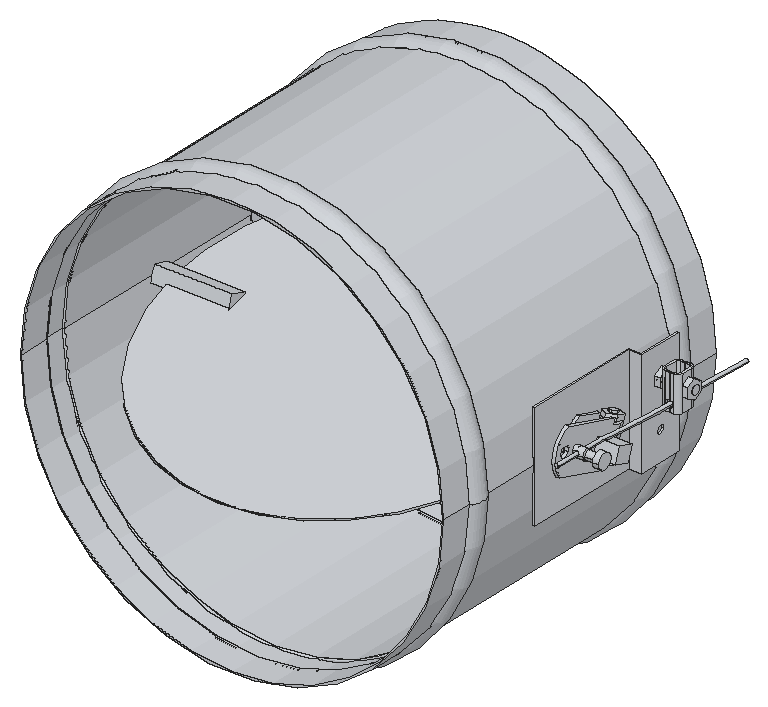
Revit family "BO-RH", category Mechanical Equipment, Revit 2015
Parameters
  Void Radius [instance] = Radius - 0' 0 5/256"  # 0' - 4 251/256"
  URL = "https://unitedenertech.com/catalog/pdf/E_14a%20Diffuser,%20Grille%20Balancing%20Bowden%20Cable%20System.pdf"
  Type Comments = "Max. Size is (20\" Diameter)"
  Radius [instance] = 0.5 * Exact Diameter  # 0' - 5"
  Model = "BO-RH"
  Manufacturer = "United Enertech Corporation"
  Keynote = "Shaft options set to visibility parameters, correct shaft and size will appear when loaded into project."
  Inner Radius [instance] = Radius - 0' 0 9/256"  # 0' - 4 247/256"
  Exact Diameter = 0' - 10"
  Description = "Round Single Blade Diffuser/Grille Balancing Bowden Cable System Damper"
  Depth = 0' - 8"
  Blade Radius [instance] = Inner Radius - 0' 0 3/8"  # 0' - 4 151/256"
  3/8" Pin Visibility [instance] = if(Exact Diameter < 1' 3 251/256", 2 > 1, 1 > 2)  # yes
  1/2" Shaft Visibility [instance] = if(Exact Diameter > 1' 3 251/256", 2 > 1, 1 > 2)  # no
Reference planes (in)
  plane 1 "Center (Front/Back)": y = 0
  plane 2: z = 0
  plane 3 "Center (Left/Right)": x = 0
  plane 4: x = -5
  plane 5: x = 5
  plane 6: y = 8
  plane 7: y = 7
  plane 8: y = 1
  plane 9: x = -5.6
  plane 10: x = -3.1
  plane 11: x = 3.1
  plane 12: x = 6.0408
  plane 13: x = 6.85359
Forms (in)
  Extrusion 1, solid
    sketch origin (0, 0, 0) x (1, 0, 0) y (0, 0, 1)
      loop
        circle (0, 0) r 5
      loop
        circle (0, 0) r 4.96484
    from 0 to -8
  Sweep 2, solid
    path origin (0, 1, 0) x (1, 0, 0) y (0, 0, 1)
      loop
        circle (0, 0) r 5
    profile "Bead Sweep : Bead Sweep" origin (0, 1, 5) x (0, 0, -1) y (0, -1, 0)
      loop
        arc (0, 0.279) -> (-0.12, 0) -> (0, -0.279) r 0.38434
        line (0, -0.279) -> (0, 0.279)
  Sweep 3, solid
    path origin (0, 7, 0) x (1, 0, 0) y (0, 0, 1)
      loop
        circle (0, 0) r 5
    profile "Bead Sweep : Bead Sweep" origin (0, 7, 5) x (0, 0, -1) y (0, -1, 0)
      loop
        arc (0, 0.279) -> (-0.12, 0) -> (0, -0.279) r 0.38434
        line (0, -0.279) -> (0, 0.279)
  Sweep 4, void
    path origin (0, 1, 0) x (1, 0, 0) y (0, 0, 1)
      loop
        circle (0, 0) r 4.98047
    profile "Bead Void Sweep : Bead Void Sweep" origin (0, 1, 4.98047) x (0, 0, -1) y (0, -1, 0)
      loop
        arc (0.15416, 0.3555) -> (-0.0841, 0) -> (0.15416, -0.3555) r 0.38434
        line (0.15416, -0.3555) -> (0.15416, 0.3555)
  Sweep 5, void
    path origin (0, 7, 0) x (1, 0, 0) y (0, 0, 1)
      loop
        circle (0, 0) r 4.98047
    profile "Bead Void Sweep : Bead Void Sweep" origin (0, 7, 4.98047) x (0, 0, -1) y (0, -1, 0)
      loop
        arc (0.15416, 0.3555) -> (-0.0841, 0) -> (0.15416, -0.3555) r 0.38434
        line (0.15416, -0.3555) -> (0.15416, 0.3555)
  Extrusion 6, solid
    sketch origin (0, 2.96472, 3.8637) x (1, 0, 0) y (0, 0.965926, 0.258819)
      loop
        circle (0, 0) r 4.58984
    from -4.01795 to -3.98205
  Extrusion 7, solid, visible <- "3/8" Pin Visibility"
    sketch origin (-15.25, 16.53168, -10.61619) x (0, -0.961262, 0.275637) y (0, -0.275637, -0.961262)
      loop
        line (15.15714, -6.93904) -> (15.15714, -6.56404) -> (14.78214, -6.56404) -> (14.78214, -6.93904) -> (15.15714, -6.93904)
    from 9.65 to 12.15
  Extrusion 8, solid, visible <- "3/8" Pin Visibility"
    sketch origin (11.25, 16.15355, -11.04697) x (0, -0.951057, 0.309017) y (0, -0.309017, -0.951057)
      loop
        line (15.15714, -6.93904) -> (15.15714, -6.56404) -> (14.78214, -6.56404) -> (14.78214, -6.93904) -> (15.15714, -6.93904)
    from -8.15 to -5.2092
  Extrusion 9, solid, visible <- "1/2" Shaft Visibility"
    sketch origin (0, 8.00292, 0) x (0, -1, 0) y (0, 0, -1)
      loop
        circle (4, 0) r 0.25
    from -5.6 to 6.0408
Cuts and joins
  Sweep 4, Sweep 5 cuts Extrusion 1
  Sweep 5 cuts Sweep 2
Dimensions and locks (in)
  equal spacing: plane 4, plane 3 "Center (Left/Right)", plane 5
  "Exact Diameter": plane 4 to plane 5
  "Depth": plane 6 to plane 1 "Center (Front/Back)"
  locked: plane 8 to plane 1 "Center (Front/Back)" at 1
  locked: plane 6 to plane 7 at 1
  locked: plane 9 to plane 4 at 0.6
  locked: plane 4 to plane 10 at 1.9
  locked: plane 11 to plane 5 at 1.9
  locked: plane 5 to plane 12 at 1.0408
  locked: plane 13 to plane 12 at 0.81279
  "Inner Radius": radius of Extrusion 1 sketch curve
  "Radius": radius of Extrusion 1 sketch curve
  "Radius": radius of Sweep 2 sketch curve
  "Radius": radius of Sweep 3 sketch curve
  "Void Radius": radius of Sweep 4 sketch curve
  "Void Radius": radius of Sweep 5 sketch curve
  "Blade Radius": radius of Extrusion 6 sketch curve
  aligned and locked: level to plane 2
  aligned and locked: plane 6 to Extrusion 1
  aligned and locked: plane 1 "Center (Front/Back)" to Extrusion 1
  aligned and locked: plane 10 to Extrusion 7
  aligned and locked: plane 9 to Extrusion 7
  aligned and locked: plane 11 to Extrusion 8
  aligned and locked: plane 9 to Extrusion 9
  aligned and locked: plane 12 to Extrusion 9
  aligned and locked: plane 12 to Extrusion 8
  aligned and locked: nested 1 to plane 5
Automatic sketch dimensions
  Extrusion 1 sketch curve to Extrusion 1 sketch curve = 0' - 0"  (x2)
  Extrusion 1 sketch curve to level = 0' - 0"
  Extrusion 1 sketch curve to plane 3 "Center (Left/Right)" = 0' - 0"
  Sweep 2 sketch curve to level = 0' - 0"
  Sweep 2 sketch curve to plane 3 "Center (Left/Right)" = 0' - 0"
  Sweep 3 sketch curve to level = 0' - 0"
  Sweep 3 sketch curve to plane 3 "Center (Left/Right)" = 0' - 0"
  Sweep 4 sketch curve to level = 0' - 0"
  Sweep 4 sketch curve to plane 3 "Center (Left/Right)" = 0' - 0"
  Sweep 5 sketch curve to level = 0' - 0"
  Sweep 5 sketch curve to plane 3 "Center (Left/Right)" = 0' - 0"
  Extrusion 6 sketch curve to plane 3 "Center (Left/Right)" = 0' - 0"
  level to Extrusion 7 sketch curve = 0' - 0.12855"
  plane 7 to Extrusion 7 sketch curve = 0' - 2.76516"
  Extrusion 7 sketch curve to Extrusion 7 sketch curve = 0' - 0 3/8"  (x2)
  level to Extrusion 8 sketch curve = 0' - 0.12038"
  plane 7 to Extrusion 8 sketch curve = 0' - 2.76082"
  Extrusion 8 sketch curve to Extrusion 8 sketch curve = 0' - 0 3/8"  (x2)
  Extrusion 9 sketch curve to level = 0' - 0"
  plane 7 to Extrusion 9 sketch curve = 0' - 2.99708"
  radius of Extrusion 9 sketch curve = 0' - 0 1/4"
Nested families (in)
  nested 1: "Bowden Controller" at (-3.06566, -4.86221, 1.24109) x (0, -1, 0) z (0, 0, -1), type "Bowden Controller"
Definition of nested family "Bowden Controller"
  Reference planes (in)
    plane 1 "Center (Front/Back)": y = 0
    plane 2: z = 0
    plane 3 "Center (Left/Right)": x = 0
  Forms (in)
    Extrusion 1, solid
      sketch origin (0, 1.16568, 0) x (1, 0, 0) y (0, 1, 0)
        loop
          line (-11.33818, -9.57834) -> (-10.24418, -9.57834) -> (-10.24418, -9.27914) -> (-7.48198, -9.27914) -> (-7.48198, -9.23134) -> (-10.29198, -9.23134) -> (-10.29198, -9.53054) -> (-11.33818, -9.53054) -> (-11.33818, -9.57834)
      from 0 to 2.5
    Extrusion 2, void
      sketch origin (0, 0, 0) x (1, 0, 0) y (0, 0, 1)
        loop
          circle (-10.80456, 1.814) r 0.1
      from 8.11346 to 8.69111
    Extrusion 3, void
      sketch origin (0, 0, 2.5) x (1, 0, 0) y (0, 0, 1)
        loop
          circle (-10.80456, -1.814) r 0.1
      from 8.11346 to 8.69111
    Extrusion 4, void
      sketch origin (0, 0, 0) x (1, 0, 0) y (0, 0, 1)
        loop
          circle (-8.86308, 1.25) r 0.4375
      from 7.46393 to 8.69111
    Extrusion 5, solid
      sketch origin (-4.60825, -8.36486, -0.54008) x (1, 0, 0) y (0, 0, 1)
        loop
          circle (-6.1963, 1.22608) r 0.095
      from 0 to 0.88668
    Revolve 6, solid
      sketch origin (-4.60825, -8.36486, 0.686) x (1, 0, 0) y (0, 1, 0)
        loop
          line (-6.4163, 0.125) -> (-6.2913, 0) -> (-6.1963, 0) -> (-6.1963, 0.125) -> (-6.4163, 0.125)
        axis (-6.1963, 0) -> (-6.1963, 0.125)
      angle from 0 to 360
    Extrusion 7, solid
      sketch origin (-6.09625, -8.43895, -0.48569) x (1, 0, 0) y (0, 0, 1)
        loop
          line (-4.89304, 1.27995) -> (-4.89304, 1.06344) -> (-4.70554, 0.95519) -> (-4.51804, 1.06344) -> (-4.51804, 1.27995) -> (-4.70554, 1.3882) -> (-4.89304, 1.27995)
      from 0 to 0.128
    Extrusion 8, void
      sketch origin (-5.45346, -8.43895, 0.28035) x (1, 0, 0) y (0, 0, 1)
        loop
          circle (-5.34833, 0.40565) r 0.095
      from -0.10167 to 0.17385
    Extrusion 9, solid
      sketch origin (-18.94958, 1.04, 0.35517) x (0, 1, 0) y (-1, 0, 0)
        loop
          line (-9.8671, -8.39503) -> (-9.77214, -8.39503)
          arc (-9.77214, -8.39503) -> (-9.68372, -8.3584) -> (-9.6471, -8.26999) r 0.12504
          line (-9.6471, -8.26999) -> (-9.6471, -8.02073)
          arc (-9.6471, -8.02073) -> (-9.68391, -7.93184) -> (-9.7728, -7.89503) r 0.12571
          line (-9.7728, -7.89503) -> (-9.8671, -7.89503) -> (-9.8671, -7.94283) -> (-9.75861, -7.94283)
          arc (-9.75861, -7.94283) -> (-9.71356, -7.96149) -> (-9.6949, -8.00654) r 0.06372
          line (-9.6949, -8.00654) -> (-9.6949, -8.28351)
          arc (-9.6949, -8.28351) -> (-9.71356, -8.32856) -> (-9.75861, -8.34723) r 0.06372
          line (-9.75861, -8.34723) -> (-9.8671, -8.34723) -> (-9.8671, -8.39503)
      from 0 to 0.835
    Extrusion 10, void
      sketch origin (-18.94958, -8.51144, 1.1835) x (-1, 0, 0) y (0, 0, -1)
        loop
          circle (-8.14503, 0.495) r 0.105
      from 0 to 0.26024
    Extrusion 11, void
      sketch origin (-2.65953, 3.23856, 0.1935) x (0, 1, 0) y (0, 0, 1)
        loop
          circle (-12.06566, 0.82667) r 0.094
      from -8.5611 to -7.71467
    Extrusion 12, solid
      sketch origin (-18.94958, -18.69419, 0.35517) x (0, 1, 0) y (-1, 0, 0)
        loop
          line (9.8671, -8.39503) -> (9.8671, -8.34723) -> (9.75861, -8.34723)
          arc (9.75861, -8.34723) -> (9.71356, -8.32856) -> (9.6949, -8.28351) r 0.06372
          line (9.6949, -8.28351) -> (9.6949, -8.00654)
          arc (9.6949, -8.00654) -> (9.71356, -7.96149) -> (9.75861, -7.94283) r 0.06372
          line (9.75861, -7.94283) -> (9.8671, -7.94283) -> (9.8671, -7.89503) -> (9.7728, -7.89503)
          arc (9.7728, -7.89503) -> (9.68391, -7.93184) -> (9.6471, -8.02073) r 0.12571
          line (9.6471, -8.02073) -> (9.6471, -8.26999)
          arc (9.6471, -8.26999) -> (9.68372, -8.3584) -> (9.77214, -8.39503) r 0.12504
          line (9.77214, -8.39503) -> (9.8671, -8.39503)
      from 0 to 0.835
    Extrusion 13, void
      sketch origin (-18.94958, -9.14276, 1.1835) x (-1, 0, 0) y (0, 0, 1)
        loop
          circle (-8.14503, -0.495) r 0.105
      from 0 to 0.26024
    Extrusion 14, void
      sketch origin (-2.65953, -20.89276, 0.1935) x (0, -1, 0) y (0, 0, -1)
        loop
          circle (-12.06566, -0.82667) r 0.094
      from -8.5611 to -7.71467
    Extrusion 15, solid
      sketch origin (-6.09625, -9.21525, -0.48569) x (1, 0, 0) y (0, 0, -1)
        loop
          line (-4.89304, -1.27995) -> (-4.70554, -1.3882) -> (-4.51804, -1.27995) -> (-4.51804, -1.06344) -> (-4.70554, -0.95519) -> (-4.89304, -1.06344) -> (-4.89304, -1.27995)
      from 0 to 0.128
    Extrusion 16, solid
      sketch origin (-4.89874, 1.46452, -0.48487) x (0.956305, 0, -0.292372) y (0, 1, 0)
        loop
          line (-2.93734, -10.02044) -> (-2.93734, -9.93944) -> (-4.78584, -9.93944)
          arc (-4.78584, -9.93944) -> (-4.91734, -9.80794) -> (-4.78584, -9.67644) r 0.1315
          line (-4.78584, -9.67644) -> (-3.72534, -9.67644) -> (-3.72534, -9.59544) -> (-4.78584, -9.59544)
          arc (-4.78584, -9.59544) -> (-4.99834, -9.80794) -> (-4.78584, -10.02044) r 0.2125
          line (-4.78584, -10.02044) -> (-2.93734, -10.02044)
      from 0 to 1
    Extrusion 17, void
      sketch origin (-4.89874, 1.46452, -0.48487) x (0.956305, 0, -0.292372) y (0.292372, 0, 0.956305)
        loop
          line (-3.188, 0) -> (-3.188, -0.19122) -> (-2.56999, -0.19122) -> (-2.56999, 1.22154) -> (-3.188, 1.22154) -> (-3.188, 1)
          arc (-3.188, 1) -> (-2.93734, 0.5) -> (-3.188, 0) r 0.62402
      from 9.88197 to 10.10816
    Extrusion 18, void
      sketch origin (-5.65231, 1.46452, -0.25448) x (0.956305, 0, -0.292372) y (0.292372, 0, 0.956305)
        loop
          line (-3.188, 0) -> (-3.188, -0.19122) -> (-2.56999, -0.19122) -> (-2.56999, 1.22154) -> (-3.188, 1.22154) -> (-3.188, 1)
          arc (-3.188, 1) -> (-2.93734, 0.5) -> (-3.188, 0) r 0.62402
      from 9.52572 to 9.8001
    Extrusion 19, void
      sketch origin (-4.89874, 1.46452, -0.48487) x (0.956305, 0, -0.292372) y (0.292372, 0, 0.956305)
        loop
          circle (-3.18334, 0.5) r 0.125
      from 9.67644 to 10.5
    Extrusion 20, void
      sketch origin (-4.89874, 1.46452, -0.48487) x (0.956305, 0, -0.292372) y (0.292372, 0, 0.956305)
        loop
          circle (-3.53134, 0.5) r 0.125
      from 9.67644 to 10.52044
    Extrusion 21, void
      sketch origin (-4.89874, 1.46452, -0.48487) x (0.956305, 0, -0.292372) y (0.292372, 0, 0.956305)
        loop
          line (-5.15454, 0.581) -> (-5.15454, 0.419) -> (-4.49084, 0.419) -> (-4.49084, 0.3075) -> (-4.10584, 0.3075) -> (-4.10584, 0.6925) -> (-4.49084, 0.6925) -> (-4.49084, 0.581) -> (-5.15454, 0.581)
      from 9.25154 to 10.26854
    Extrusion 22, void
      sketch origin (-4.96808, 1.46452, -0.71164) x (0.956305, 0, -0.292372) y (0.292372, 0, 0.956305)
        loop
          line (-4.99834, 1.23714) -> (-4.99834, 1.10514) -> (-4.57534, 1.10514) -> (-4.57534, 1.23714) -> (-4.99834, 1.23714)
      from 9.25154 to 10.19885
    Extrusion 23, void
      sketch origin (-5.22186, 1.46452, -1.54172) x (0.956305, 0, -0.292372) y (0.292372, 0, 0.956305)
        loop
          line (-4.99834, 1.23714) -> (-4.99834, 1.10514) -> (-4.57534, 1.10514) -> (-4.57534, 1.23714) -> (-4.99834, 1.23714)
      from 9.25154 to 10.19885
    Extrusion 24, solid
      sketch origin (-8.08776, -14.52887, 1.33974) x (0, -1, 0) y (-0.956305, 0, 0.292372)
        loop
          circle (-6.1963, 1.22608) r 0.095
      from 0 to 0.88668
    Revolve 25, solid
      sketch origin (-9.26026, -14.52887, 1.69821) x (0, -1, 0) y (0.292372, 0, 0.956305)
        loop
          line (-6.4163, 0.125) -> (-6.2913, 0) -> (-6.1963, 0) -> (-6.1963, 0.125) -> (-6.4163, 0.125)
        axis (-6.1963, 0) -> (-6.1963, 0.125)
      angle from 0 to 360
    Extrusion 26, solid
      sketch origin (-8.38839, -13.04087, 0.5424) x (0, -1, 0) y (0.956305, 0, -0.292372)
        loop
          line (-4.89304, -1.27995) -> (-4.70554, -1.3882) -> (-4.51804, -1.27995) -> (-4.51804, -1.06344) -> (-4.70554, -0.95519) -> (-4.89304, -1.06344) -> (-4.89304, -1.27995)
      from 0 to 0.128
    Extrusion 27, void
      sketch origin (-5.45346, -9.12437, 0.28035) x (1, 0, 0) y (0, 0, 1)
        loop
          circle (-5.34833, 0.40565) r 0.095
      from -0.10167 to 0.17385
    Extrusion 28, void
      sketch origin (-9.09439, -13.68366, 0.85328) x (0, -1, 0) y (-0.956305, 0, 0.292372)
        loop
          circle (-5.34833, 0.40565) r 0.095
      from -0.10167 to 0.17385
    Extrusion 29, solid
      sketch origin (-3.32807, -8.40992, -0.88362) x (1, 0, 0) y (0, 0, 1)
        loop
          circle (-4.80153, 1.90937) r 0.175
      from 0 to 0.065
    Extrusion 30, solid
      sketch origin (-3.32807, -8.40992, -0.88362) x (1, 0, 0) y (0, 0, 1)
        loop
          circle (-4.80153, 1.90937) r 0.1225
      from 0.065 to 0.421
    Extrusion 31, solid
      sketch origin (-3.32807, -8.40992, -0.88362) x (1, 0, 0) y (0, 0, 1)
        loop
          circle (-4.80153, 1.90937) r 0.095
      from 0.421 to 0.6885
    Extrusion 32, solid
      sketch origin (-3.32807, -8.65992, -0.88362) x (1, 0, 0) y (0, 0, 1)
        loop
          circle (-4.80153, 1.90937) r 0.175
      from 0.4385 to 0.5793
    Extrusion 33, void
      sketch origin (-3.32807, -8.40992, -0.88362) x (0, 1, 0) y (0, 0, 1)
        loop
          circle (-0.243, 1.90937) r 0.08044
      from -4.99008 to -4.61212
    Sweep 34, solid
      path in 3D
        loop
          spline (-12.69767, -8.93222, 1.02257) -> (-12.00336, -8.89056, 1.02257) -> (-11.39438, -8.86439, 1.02257) -> (-10.86338, -8.84677, 1.02257) -> (-10.40297, -8.83079, 1.02257) -> (-10.00568, -8.80963, 1.02257) -> (-9.65968, -8.78098, 1.02257) -> (-9.3473, -8.74864, 1.02257) -> (-9.05043, -8.71683, 1.02257) -> (-8.75092, -8.68977, 1.02257) -> (-8.42014, -8.67051, 1.02257) -> (-8.0037, -8.65918, 1.02257) -> (-7.44327, -8.65547, 1.02257)
      profile origin (-9.65968, -8.78098, 1.02257) x (-0.095223, 0.995456, 0) y (0, 0, 1)
        loop
          circle (0, 0) r 0.04209
  Cuts and joins
    Extrusion 2, Extrusion 3, Extrusion 4 cuts Extrusion 1
    Extrusion 8, Extrusion 27 cuts Extrusion 7
    Extrusion 10, Extrusion 11, Extrusion 13, Extrusion 14 cuts Extrusion 9
    Extrusion 13, Extrusion 14 cuts Extrusion 12
    Extrusion 17, Extrusion 18, Extrusion 19, Extrusion 20, Extrusion 21, Extrusion 22, Extrusion 23 cuts Extrusion 16
    Extrusion 27 cuts Revolve 6
    Extrusion 27, Extrusion 28 cuts Extrusion 15
    Extrusion 28 cuts Extrusion 26
    Extrusion 33 cuts Extrusion 30
  Lines and regions (in)
    sketch lines
      curve 1: spline (-12.69767, -8.93222, 1.02257) -> (-12.00336, -8.89056, 1.02257) -> (-11.39438, -8.86439, 1.02257) -> (-10.86338, -8.84677, 1.02257) -> (-10.40297, -8.83079, 1.02257) -> (-10.00568, -8.80963, 1.02257) -> (-9.65968, -8.78098, 1.02257) -> (-9.3473, -8.74864, 1.02257) -> (-9.05043, -8.71683, 1.02257) -> (-8.75092, -8.68977, 1.02257) -> (-8.42014, -8.67051, 1.02257) -> (-8.0037, -8.65918, 1.02257) -> (-7.44327, -8.65547, 1.02257)
  Dimensions and locks (in)
    aligned and locked: level to plane 2
